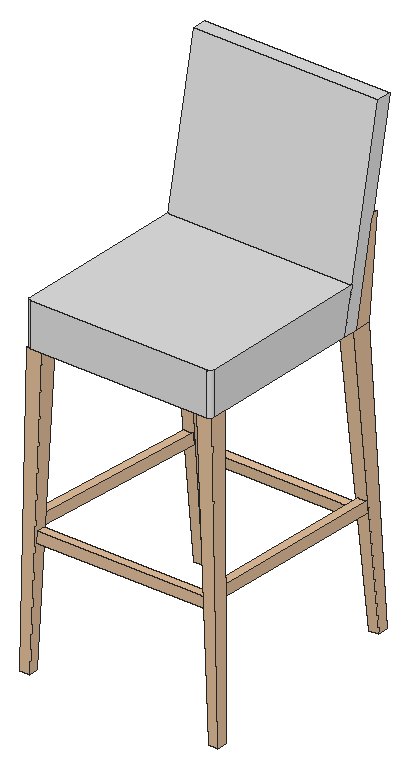
Revit family "FU_Stool_Sandler_Charme 3-1", category Furniture, Revit 2020
Family settings
  OmniClass Number = 23.21.23.15.17
  Work Plane-Based = Yes
  Always vertical = No
  Cut with Voids When Loaded = No
  Shared = No
  Room Calculation Point = No
Parameters (values of type "CHARME 3.1")
  Youtube clip = ""
  W = 450.000 mm
  Uniformat II Description = "Movable Furnishings"
  Uniformat II Code = ""
  Uniclass 2015 Name = ""
  Uniclass 2015 Code = ""
  Uniclass 2.0 Description = ""
  Uniclass 2.0 Code = ""
  Uniclass 1.4 Description = ""
  Uniclass 1.4 Code = ""
  UNSPSC Code = ""
  Technical description = ""
  Shell Material = Fabric - Gravity - Frost CPC32
  H = 1145.000 mm
  Frame Material = Wood - Beech - Natural Oak
  D = 550.000 mm
  401D = no
  Region South America = "All"
  Region Oceania = "All"
  Region North America = "All"
  Region Middle East = "All"
  Region Europe = "All"
  Region Asia = "All"
  Region Antarctica = "All"
  Region Africa = "All"
  QR code = "https://www.sandlerseating.com/product/charme-3-1/"
  Product url = "https://www.sandlerseating.com/product/charme-3-1/"
  Product name = "CHARME 3.1"
  Product group = "Chair"
  Product family = "Furniture"
  Product data url = "https://www.sandlerseating.com/product/charme-3-1/"
  Product certification = ""
  Product SKU = "??"
  Product Guid = "??"
  OmniClass Description = ""
  OmniClass Code = "23-21 23 15 17"
  NBS Reference Description = ""
  NBS Reference Code = ""
  Model = "CHARME 3.1"
  Masterformat 2014 Description = "Chair Mats"
  Masterformat 2014 Code = "12 48 43.13"
  Manufacturer name = "Sandler"
  Manufacturer country = "USA"
  Manufacturer = "Sandler"
  401G = no
  Installation instructions = ""
  IFC Classification = "Furnishing Element"
  GTIN code = ""
  Edition number = 1
  Design country = "Brasil"
  Description = "Chair"
  Default Elevation = 1219.200 mm
  Date of publishing = ""
  COBIe Type Category = ""
  Brand url = "https://www.sandlerseating.com/"
  BIMobject main category code = "furniture"
  BIMobject main category = "Furniture"
  BIMobject category code = "furniture-chair"
  BIMobject category = "Chair"
Reference planes
  plane 1 "Center Front/Back": y = 0
  plane 2: z = 0
  plane 3 "Center Left/Right": x = 0
  plane 4: x = -225
  plane 5: x = 225
  plane 6: y = 275
  plane 7: y = -275
  plane 8: z = 1145
  plane 9: z = 800
Forms (mm)
  Blend 1, solid, material "Fabric - Gravity - Frost CPC32" <- "Shell Material"
    base sketch origin (0.131, 3.037, 800) x (-1, 0, 0) y (0, -1, 0)
      loop
        line (217.518, -255.657) -> (217.518, -220.657) -> (-217.256, -220.657) -> (-217.256, -255.657) -> (217.518, -255.657)
    top sketch origin (0.131, 3.037, 800) x (-1, 0, 0) y (0, -1, 0)
      loop
        line (217.518, -159.013) -> (217.518, -124.013) -> (-217.256, -124.013) -> (-217.256, -159.013) -> (217.518, -159.013)
    from 348.348 to -110
  Extrusion 2, solid, material "Fabric - Gravity - Frost CPC32" <- "Shell Material"
    sketch origin (0.131, 48.037, 800) x (-1, 0, 0) y (0, -1, 0)
      loop
        line (217.518, -100) -> (217.518, 305.987)
        arc (217.518, 305.987) -> (214.589, 313.058) -> (207.518, 315.987) r 10
        line (207.518, 315.987) -> (-207.256, 315.987)
        arc (-207.256, 315.987) -> (-214.327, 313.058) -> (-217.256, 305.987) r 10
        line (-217.256, 305.987) -> (-217.256, -100) -> (217.518, -100)
    from -110 to -10
  Extrusion 3, void
    sketch origin (0.131, 48.037, 0) x (0, 1, 0) y (0, 0, 1)
      loop
        line (79.013, 690) -> (100.391, 690) -> (100.391, 790) -> (79.013, 690)
    from -276.62 to 250
  Blend 4, solid, material "Wood - Beech - Natural Oak" <- "Frame Material"
    base sketch origin (0.131, 48.037, 800) x (-1, 0, 0) y (0, -1, 0)
      loop
        line (182.851, 274.889) -> (217.701, 274.889) -> (217.701, 314.434) -> (182.851, 314.434) -> (182.851, 274.889)
    top sketch origin (0.131, 48.037, 800) x (-1, 0, 0) y (0, -1, 0)
      loop
        line (211.474, 292.726) -> (233.518, 292.726) -> (233.518, 315.271) -> (211.474, 315.271) -> (211.474, 292.726)
    from -110 to -800
  Blend 5, solid, material "Wood - Beech - Natural Oak" <- "Frame Material"
    base sketch origin (0.131, 48.037, 800) x (-1, 0, 0) y (0, -1, 0)
      loop
        line (195.823, -177.182) -> (195.823, -201.288) -> (217.789, -201.288) -> (217.789, -177.182) -> (195.823, -177.182)
    top sketch origin (0.131, 48.037, 800) x (-1, 0, 0) y (0, -1, 0)
      loop
        line (181.927, -105.706) -> (181.927, -150.439) -> (217.518, -150.439) -> (217.518, -105.706) -> (181.927, -105.706)
    from -780.408 to -110
  Blend 6, solid, material "Wood - Beech - Natural Oak" <- "Frame Material"
    base sketch origin (0.131, 48.037, 800) x (1, 0, 0) y (0, 1, 0)
      loop
        line (182.851, -274.889) -> (182.851, -314.434) -> (217.701, -314.434) -> (217.701, -274.889) -> (182.851, -274.889)
    top sketch origin (0.131, 48.037, 800) x (1, 0, 0) y (0, 1, 0)
      loop
        line (211.474, -292.726) -> (211.474, -315.271) -> (233.518, -315.271) -> (233.518, -292.726) -> (211.474, -292.726)
    from -110 to -800
  Blend 7, solid, material "Wood - Beech - Natural Oak" <- "Frame Material"
    base sketch origin (0.131, 48.037, 800) x (1, 0, 0) y (0, 1, 0)
      loop
        line (195.823, 177.182) -> (217.789, 177.182) -> (217.789, 201.288) -> (195.823, 201.288) -> (195.823, 177.182)
    top sketch origin (0.131, 48.037, 800) x (1, 0, 0) y (0, 1, 0)
      loop
        line (181.927, 105.706) -> (217.518, 105.706) -> (217.518, 150.439) -> (181.927, 150.439) -> (181.927, 105.706)
    from -780.408 to -110
  Blend 8, solid, material "Wood - Beech - Natural Oak" <- "Frame Material"
    base sketch origin (0.131, 48.037, 0) x (-1, 0, 0) y (0, -1, 0)
      loop
        line (-217.518, -150.439) -> (217.518, -150.439) -> (217.518, -105.706) -> (-217.518, -105.706) -> (-217.518, -150.439)
    top sketch origin (0.131, 48.037, 0) x (-1, 0, 0) y (0, -1, 0)
      loop
        line (-217.518, -172.805) -> (217.518, -172.805) -> (217.518, -128.072) -> (-217.518, -128.072) -> (-217.518, -172.805)
    from 690 to 914.97
  Extrusion 9, void
    sketch origin (0.131, 48.037, 0) x (0, 1, 0) y (0, 0, -1)
      loop
        line (162.108, -914.97) -> (114.013, -690) -> (105.706, -690) -> (128.072, -914.97) -> (162.108, -914.97)
    from -224.869 to 225.131
  Extrusion 10, solid, material "Wood - Beech - Natural Oak" <- "Frame Material"
    sketch origin (0, 5, 0) x (0, 1, 0) y (0, 0, 1)
      loop
        line (-266.863, 305.435) -> (-266.863, 280.435) -> (-246.863, 280.435) -> (-246.863, 305.435) -> (-266.863, 305.435)
    from -212 to 212
  Extrusion 11, solid, material "Wood - Beech - Natural Oak" <- "Frame Material"
    sketch origin (0, 0, 0) x (0, 1, 0) y (0, 0, 1)
      loop
        line (204.098, 280.219) -> (207.039, 256.262) -> (226.494, 258.651) -> (223.553, 282.607) -> (204.098, 280.219)
    from -212 to 212
  Blend 12, solid, material "Wood - Beech - Natural Oak" <- "Frame Material"
    base sketch origin (10, 0, 0) x (1, 0, 0) y (0, 0, 1)
      loop
        line (194.673, 329.033) -> (194.673, 304.033) -> (214.673, 304.033) -> (214.673, 329.033) -> (194.673, 329.033)
    top sketch origin (10, 0, 0) x (1, 0, 0) y (0, 0, 1)
      loop
        line (184.878, 312.524) -> (184.878, 287.524) -> (204.878, 287.524) -> (204.878, 312.524) -> (184.878, 312.524)
    from 247.635 to -202.523
  Blend 13, solid, material "Wood - Beech - Natural Oak" <- "Frame Material"
    base sketch origin (-10, 0, 0) x (-1, 0, 0) y (0, 0, -1)
      loop
        line (194.673, -329.033) -> (214.673, -329.033) -> (214.673, -304.033) -> (194.673, -304.033) -> (194.673, -329.033)
    top sketch origin (-10, 0, 0) x (-1, 0, 0) y (0, 0, -1)
      loop
        line (184.878, -312.524) -> (204.878, -312.524) -> (204.878, -287.524) -> (184.878, -287.524) -> (184.878, -312.524)
    from 247.635 to -202.523
Cuts and joins
  Extrusion 9 cuts Blend 7
  Extrusion 9 cuts Blend 8
  joined: Blend 4, Blend 5, Blend 6, Blend 7, Blend 8, Extrusion 10, Extrusion 11, Blend 12, Blend 13
  Extrusion 3 cuts Extrusion 2
Dimensions and locks
  equal spacing: plane 4, plane 3 "Center Left/Right", plane 5
  "W": plane 4 to plane 5
  equal spacing: plane 6, plane 1 "Center Front/Back", plane 7
  "D": plane 6 to plane 7
  "H": plane 8 to level
  plane 9 to level = 800.000 mm
  aligned and locked: level to plane 2
Automatic sketch dimensions
  plane 5 to Blend 1 sketch curve = 7.613 mm  (x2)
  plane 4 to Blend 1 sketch curve = 7.613 mm  (x2)
  Blend 1 sketch curve to plane 6 = 16.305 mm
  Blend 1 sketch curve to Blend 1 sketch curve = 35.000 mm  (x2)
  Blend 1 sketch curve to plane 6 = 112.950 mm
  plane 5 to Extrusion 2 sketch curve = 7.613 mm
  Extrusion 2 sketch curve to Extrusion 2 sketch curve = 10.000 mm
  plane 4 to Extrusion 2 sketch curve = 17.613 mm
  plane 4 to Extrusion 2 sketch curve = 7.613 mm
  Extrusion 2 sketch curve to plane 6 = 126.963 mm
  plane 7 to Extrusion 2 sketch curve = 17.050 mm
  Extrusion 3 sketch curve to plane 1 "Center Front/Back" = 127.050 mm
  Extrusion 3 sketch curve to Extrusion 3 sketch curve = 21.378 mm
  Extrusion 3 sketch curve to plane 9 = 110.000 mm
  Extrusion 3 sketch curve to plane 9 = 10.000 mm
  plane 7 to Blend 4 sketch curve = 8.603 mm
  plane 4 to Blend 4 sketch curve = 42.280 mm
  plane 4 to Blend 4 sketch curve = 7.430 mm
  Blend 4 sketch curve to Blend 4 sketch curve = 39.545 mm
  plane 4 to Blend 4 sketch curve = 13.657 mm
  Blend 4 sketch curve to plane 4 = 8.387 mm
  plane 7 to Blend 4 sketch curve = 30.312 mm
  plane 7 to Blend 4 sketch curve = 7.767 mm
  plane 4 to Blend 5 sketch curve = 29.308 mm
  plane 4 to Blend 5 sketch curve = 7.342 mm
  Blend 5 sketch curve to plane 6 = 25.675 mm
  Blend 5 sketch curve to Blend 5 sketch curve = 24.105 mm
  plane 4 to Blend 5 sketch curve = 43.204 mm
  plane 4 to Blend 5 sketch curve = 7.613 mm
  Blend 5 sketch curve to plane 6 = 76.524 mm
  Blend 5 sketch curve to Blend 5 sketch curve = 44.733 mm
  plane 7 to Blend 6 sketch curve = 8.603 mm
  plane 5 to Blend 6 sketch curve = 42.018 mm
  plane 5 to Blend 6 sketch curve = 7.168 mm
  Blend 6 sketch curve to Blend 6 sketch curve = 39.545 mm
  plane 5 to Blend 6 sketch curve = 13.395 mm
  Blend 6 sketch curve to plane 5 = 8.649 mm
  plane 7 to Blend 6 sketch curve = 7.767 mm
  Blend 6 sketch curve to Blend 6 sketch curve = 22.545 mm
  plane 5 to Blend 7 sketch curve = 29.047 mm
  plane 5 to Blend 7 sketch curve = 7.080 mm
  Blend 7 sketch curve to plane 6 = 49.780 mm
  Blend 7 sketch curve to Blend 7 sketch curve = 24.105 mm
  plane 5 to Blend 7 sketch curve = 42.942 mm
  plane 5 to Blend 7 sketch curve = 7.351 mm
  Blend 7 sketch curve to plane 6 = 121.257 mm
  Blend 7 sketch curve to Blend 7 sketch curve = 44.733 mm
  Extrusion 9 sketch curve to plane 6 = 121.257 mm
  Extrusion 9 sketch curve to Extrusion 9 sketch curve = 8.307 mm
  Extrusion 9 sketch curve to plane 6 = 98.890 mm
  Extrusion 9 sketch curve to Extrusion 9 sketch curve = 34.035 mm
  plane 9 to Extrusion 9 sketch curve = 114.970 mm
  Extrusion 9 sketch curve to plane 9 = 110.000 mm
  plane 7 to Extrusion 10 sketch curve = 13.137 mm
  Extrusion 10 sketch curve to Extrusion 10 sketch curve = 20.000 mm
  level to Extrusion 10 sketch curve = 280.435 mm
  Extrusion 10 sketch curve to Extrusion 10 sketch curve = 25.000 mm
  Extrusion 11 sketch curve to plane 6 = 70.902 mm
  Extrusion 11 sketch curve to Extrusion 11 sketch curve = 2.942 mm
  Extrusion 11 sketch curve to Extrusion 11 sketch curve = 19.455 mm
  level to Extrusion 11 sketch curve = 256.262 mm
  Extrusion 11 sketch curve to Extrusion 11 sketch curve = 2.389 mm
  plane 5 to Blend 12 sketch curve = 20.327 mm
  plane 5 to Blend 12 sketch curve = 0.327 mm
  level to Blend 12 sketch curve = 304.033 mm
  Blend 12 sketch curve to Blend 12 sketch curve = 25.000 mm  (x2)
  plane 5 to Blend 12 sketch curve = 30.122 mm
  plane 5 to Blend 12 sketch curve = 10.122 mm
  level to Blend 12 sketch curve = 287.524 mm
  Blend 13 sketch curve to plane 4 = 20.327 mm
  Blend 13 sketch curve to plane 4 = 0.327 mm
  Blend 13 sketch curve to level = 304.033 mm
  Blend 13 sketch curve to Blend 13 sketch curve = 25.000 mm  (x2)
  Blend 13 sketch curve to plane 4 = 30.122 mm
  Blend 13 sketch curve to plane 4 = 10.122 mm
  Blend 13 sketch curve to level = 287.524 mm
  plane 5 to Blend 8 sketch curve = 7.351 mm  (x2)
  plane 4 to Blend 8 sketch curve = 7.613 mm  (x2)
  Blend 8 sketch curve to plane 6 = 76.524 mm
  Blend 8 sketch curve to Blend 8 sketch curve = 44.733 mm  (x2)
  Blend 8 sketch curve to plane 6 = 54.158 mm
